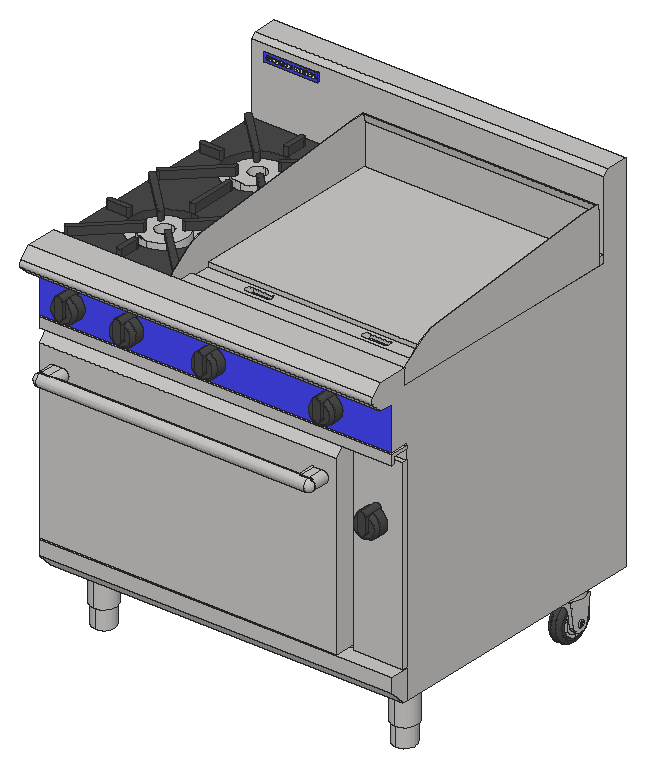
Revit family "QF_MOFFAT_BLUESEAL_CE_GE56B", category Specialty Equipment, Revit 2012
Parameters
  Width = 900 mm  # constant formula
  Weight in Pounds = 440
  Watts = 6600 W
  Volts = 400 V
  URL Cutsheet = "www.moffat.com"
  URL = "www.moffat.com"
  Type Mark [instance] = ""
  Status [instance] = ""
  Specification by User [instance] = ""
  Specification by Manufacturer = ""
  Show Logo [instance] = yes
  Show Clearance [instance] = yes
  Show Casters [instance] = yes
  Serial Number = ""
  Seismic Rating = ""
  SMACNA No = ""
  Revision Code [instance] = ""
  Phase = 3
  Omniclass Number and Title = ""
  Number of Poles [instance] = 1
  NAFEM Spec ID Number = ""
  Model = "GE56B"
  Min Ckt Ampacity = 0 A
  Mechanical Remarks = ""
  Mechanical Connection Type [instance] = ""
  Max Overcurrent Protection = 0 A
  Masterspec = ""
  Manufacturer = "MOFFAT BLUESEAL"
  Legs [instance] = not(Show Casters)  # no
  Item Number [instance] = ""
  Installed By [instance] = ""
  Identify Quantity as Lot [instance] = yes
  Height = 970 mm  # constant formula
  HP = ""
  Gas Size = 3/4"
  Gas RI Height [instance] = 0 mm
  Gas KW [instance] = 26.6
  Gas Input [instance] = 90990.0 Btu/h
  Gas Connection Height = 0 mm
  Furnished By [instance] = ""
  Foodservice Equipment Identifier [instance] = yes
  FL Amps = 9.4 A
  Electrical Remarks = "9.4A PER PHASE"
  Electric Connection Type = ""
  Elec Conn RI Height = 0 mm
  Elec Conn Connection Height = 0 mm
  Description = "900MM GAS RANGE WITH ELECTRIC CONVECTION OVEN"
  Depth = 812 mm  # constant formula
  Cycle = 50 Hz
  Conn Plug = ""
  Conn Conduit = yes
  CSI MasterFormat = ""
  CSI Master Format = ""
  Body Finish = QF_Finishes_Stainless Steel
  Apparent Power = 0 VA
Reference planes
  plane 1 "BACK": y = 0
  plane 2: z = 0
  plane 3 "LEFT": x = 0
  plane 4 "RIGHT": x = 900
  plane 5 "FRONT": y = -812
  plane 6 "TOP": z = 970
  plane 7 "Center Y": x = 450
  plane 8 "Center X": y = -406
  plane 9: x = 280
  plane 10: y = -574.272
  plane 11: x = 60
  plane 12: y = -304.972
  plane 13: y = -364.972
  plane 14: x = 74
  plane 15: y = -812
  plane 16: x = 834.5
  plane 17: y = -32
  plane 18: z = 655
  plane 19: y = -100
  plane 20: z = 1085
  plane 21: y = -705
  plane 22: x = 65.8
Forms (mm)
  Extrusion 1, solid, material "QF_Finishes_Stainless Steel" <- "Body Finish"
    sketch origin (0, 0, 0) x (0, 1, 0) y (0, 0, 1)
      loop
        line (0, 150) -> (0, 1085) -> (-57.5, 1085) -> (-70, 1072.5) -> (-70, 875) -> (-705, 875) -> (-705, 915) -> (-783.97, 915) -> (-808.476, 890.494)
        arc (-808.476, 890.494) -> (-811.994, 882) -> (-808.476, 873.506) r 12.013
        line (-808.476, 873.506) -> (-784.97, 850) -> (-749, 850) -> (-749, 740) -> (-699, 740) -> (-699, 150) -> (0, 150)
    from 0 to 900
  Extrusion 2, solid, material "QF_Finishes_Stainless Steel"
    sketch origin (0, 7, 0) x (0, 1, 0) y (0, 0, 1)
      loop
        line (-706, 700) -> (-732, 700) -> (-756, 676) -> (-756, 227.5) -> (-706, 227.5) -> (-706, 700)
    from 0 to 760
  Extrusion 3, solid, material "QF_Finishes_Stainless Steel"
    sketch origin (723.5, 7, 0) x (0, 1, 0) y (0, 0, 1)
      loop
        line (-706, 700) -> (-721, 700) -> (-721, 227.5) -> (-706, 227.5) -> (-706, 700)
    from 51.5 to 176.5
  Revolve 4, solid, material "QF_Finishes_Stainless Steel" <- "Body Finish"
    sketch origin (834.5, -696.126, 0) x (0, 1, 0) y (0, 0, -1)
      loop
        line (39.376, -150) -> (71.126, -150) -> (71.126, 0) -> (43.626, 0) -> (43.626, -50) -> (39.376, -50) -> (39.376, -150)
      axis (71.126, -150) -> (71.126, 0)
    angle from 0 to 360
  Revolve 5, solid, material "QF_Finishes_Stainless Steel" <- "Body Finish"
    sketch origin (65.5, -696.126, 0) x (0, 1, 0) y (0, 0, 1)
      loop
        line (39.376, 150) -> (39.376, 50) -> (43.626, 50) -> (43.626, 0) -> (71.126, 0) -> (71.126, 150) -> (39.376, 150)
      axis (71.126, 150) -> (71.126, 0)
    angle from 0 to 360
  Extrusion 6, solid, material "QF_Finishes_Stainless Steel"
    sketch origin (-64.5, 0, 325) x (1, 0, 0) y (0, 1, 0)
      loop
        circle (834.5, -32) r 10
    from 330 to 371
  Revolve 7, solid, material "QF_Finishes_Black"
    sketch origin (749.887, 45.874, -0.118) x (0, 1, 0) y (0, 0, 1)
      loop
        line (-827.874, 829.5) -> (-838.874, 823.651) -> (-838.874, 797) -> (-794.874, 797) -> (-794.874, 802) -> (-804.874, 802) -> (-804.874, 829.5) -> (-827.874, 829.5)
      axis (-838.874, 797) -> (-794.874, 797)
    angle from 0 to 360
  Revolve 8, solid, material "QF_Finishes_Black"
    sketch origin (90.649, 45.874, -0.118) x (0, 1, 0) y (0, 0, -1)
      loop
        line (-827.874, -829.5) -> (-804.874, -829.5) -> (-804.874, -802) -> (-794.874, -802) -> (-794.874, -797) -> (-838.874, -797) -> (-838.874, -823.651) -> (-827.874, -829.5)
      axis (-838.874, -797) -> (-794.874, -797)
    angle from 0 to 360
  Revolve 9, solid, material "QF_Finishes_Black"
    sketch origin (240.649, 45.874, -0.118) x (0, 1, 0) y (0, 0, -1)
      loop
        line (-827.874, -829.5) -> (-804.874, -829.5) -> (-804.874, -802) -> (-794.874, -802) -> (-794.874, -797) -> (-838.874, -797) -> (-838.874, -823.651) -> (-827.874, -829.5)
      axis (-838.874, -797) -> (-794.874, -797)
    angle from 0 to 360
  Extrusion 10, solid, material "QF_Finishes_Black"
    sketch origin (238.456, 7, -0.118) x (-1, 0, 0) y (0, 0, -1)
      loop
        arc (158.3, -789) -> (148.3, -779) -> (138.3, -789) r 10
        line (138.3, -789) -> (138.3, -824)
        arc (138.3, -824) -> (148.3, -834) -> (158.3, -824) r 10
        line (158.3, -824) -> (158.3, -789)
    from 759 to 808
  Extrusion 11, solid, material "QF_Finishes_Black"
    sketch origin (388.456, 7, -0.118) x (-1, 0, 0) y (0, 0, -1)
      loop
        arc (158.3, -789) -> (148.3, -779) -> (138.3, -789) r 10
        line (138.3, -789) -> (138.3, -824)
        arc (138.3, -824) -> (148.3, -834) -> (158.3, -824) r 10
        line (158.3, -824) -> (158.3, -789)
    from 759 to 808
  Extrusion 12, solid, material "QF_Finishes_Black"
    sketch origin (602.08, 7, -0.118) x (1, 0, 0) y (0, 0, 1)
      loop
        line (158.3, 789) -> (158.3, 824)
        arc (158.3, 824) -> (148.3, 834) -> (138.3, 824) r 10
        line (138.3, 824) -> (138.3, 789)
        arc (138.3, 789) -> (148.3, 779) -> (158.3, 789) r 10
    from 759 to 808
  Extrusion 13, solid, material "QF_Finishes_Black"
    sketch origin (597.807, 7, -0.118) x (-1, 0, 0) y (0, 0, -1)
      loop
        arc (158.3, -789) -> (148.3, -779) -> (138.3, -789) r 10
        line (138.3, -789) -> (138.3, -824)
        arc (138.3, -824) -> (148.3, -834) -> (158.3, -824) r 10
        line (158.3, -824) -> (158.3, -789)
    from 759 to 808
  Revolve 14, solid, material "QF_Finishes_Black"
    sketch origin (836.851, 80.874, -245.743) x (0, 1, 0) y (0, 0, 1)
      loop
        line (-827.874, 829.5) -> (-838.874, 823.651) -> (-838.874, 797) -> (-794.874, 797) -> (-794.874, 802) -> (-804.874, 802) -> (-804.874, 829.5) -> (-827.874, 829.5)
      axis (-838.874, 797) -> (-794.874, 797)
    angle from 0 to 360
  Extrusion 15, solid, material "QF_Finishes_Black"
    sketch origin (689.044, 42, -245.743) x (1, 0, 0) y (0, 0, 1)
      loop
        line (158.3, 789) -> (158.3, 824)
        arc (158.3, 824) -> (148.3, 834) -> (138.3, 824) r 10
        line (138.3, 824) -> (138.3, 789)
        arc (138.3, 789) -> (148.3, 779) -> (158.3, 789) r 10
    from 759 to 808
  Extrusion 16, solid, material "QF_Door-Drawer Clearances", visible <- "Show Clearance", detail levels coarse
    sketch origin (0, 7, 0) x (0, -1, 0) y (0, 0, 1)
      loop
        line (756, 697.347) -> (756, 227.5) -> (1225.847, 227.5)
        arc (1225.847, 227.5) -> (1088.232, 559.732) -> (756, 697.347) r 469.847
    from 0 to -760
  Extrusion 17, void
    sketch origin (0, 0, 220) x (1, 0, 0) y (0, 1, 0)
      loop
        line (824, -87) -> (824, 0) -> (694, 0) -> (694, -39) -> (744, -87) -> (824, -87)
    from 0 to 476
  Revolve 18, solid, material "QF_Finishes_Black"
    sketch origin (450, 45.874, -0.118) x (0, 1, 0) y (0, 0, -1)
      loop
        line (-827.874, -829.5) -> (-804.874, -829.5) -> (-804.874, -802) -> (-794.874, -802) -> (-794.874, -797) -> (-838.874, -797) -> (-838.874, -823.651) -> (-827.874, -829.5)
      axis (-838.874, -797) -> (-794.874, -797)
    angle from 0 to 360
  Extrusion 19, solid, material "QF_Finishes_Stainless Steel"
    sketch origin (0, -749, 227.5) x (0, 0, 1) y (-1, 0, 0)
      loop
        line (380.625, -38.246) -> (380.625, -58.528)
        arc (380.625, -58.528) -> (395.625, -73.528) -> (410.625, -58.528) r 15
        line (410.625, -58.528) -> (410.625, -38.246)
        arc (410.625, -38.246) -> (395.625, -23.246) -> (380.625, -38.246) r 15
      loop
        arc (380.625, -723.039) -> (395.625, -738.039) -> (410.625, -723.039) r 15
        line (410.625, -723.039) -> (410.625, -702.757)
        arc (410.625, -702.757) -> (395.625, -687.757) -> (380.625, -702.757) r 15
        line (380.625, -702.757) -> (380.625, -723.039)
    from 0 to 44
  Revolve 20, solid, material "QF_Finishes_Stainless Steel"
    sketch origin (0, -793, 0) x (1, 0, 0) y (0, 0, 1)
      loop
        arc (738.039, 623.125) -> (733.646, 633.732) -> (723.039, 638.125) r 15
        line (723.039, 638.125) -> (38.246, 638.125)
        arc (38.246, 638.125) -> (27.64, 633.732) -> (23.246, 623.125) r 15
        line (23.246, 623.125) -> (738.039, 623.125)
      axis (738.039, 623.125) -> (23.246, 623.125)
    angle from 0 to 360
  Extrusion 21, solid, material "QF_Finishes_Stainless Steel" <- "Body Finish"
    sketch origin (0, 7, 0) x (0, 1, 0) y (0, 0, 1)
      loop
        line (-756, 710) -> (-747.224, 710) -> (-749.613, 726.999) -> (-707.93, 726.999) -> (-707.93, 734.003) -> (-756, 734.003) -> (-756, 710)
    from 0 to 900
  Extrusion 22, solid, material "QF_Finishes_Stainless Steel" <- "Body Finish"
    sketch origin (0, 4.73, 0) x (0, 1, 0) y (0, 0, 1)
      loop
        line (-753.73, 222.5) -> (-753.73, 186) -> (-717.73, 150) -> (-703.73, 150) -> (-703.73, 222.5) -> (-753.73, 222.5)
    from 0 to 900
  Extrusion 23, solid, material "QF_Finishes_Stainless Steel", visible <- "Show Casters"
    sketch origin (71.501, 133.353, -8.783) x (0, 1, 0) y (0, 0, 1)
      loop
        line (-201.603, 118.783) -> (-265.103, 118.783) -> (-252.746, 53.895)
        arc (-252.746, 53.895) -> (-233.353, 38.783) -> (-213.959, 53.895) r 20
        line (-213.959, 53.895) -> (-201.603, 118.783)
    from -35.667 to 22.923
  Revolve 24, solid, material "QF_Finishes_Stainless Steel", visible <- "Show Casters"
    sketch origin (65, -203, 0) x (0, 1, 0) y (0, 0, 1)
      loop
        line (67.25, 150) -> (67.25, 110) -> (103, 110) -> (103, 150) -> (67.25, 150)
      axis (103, 150) -> (103, 110)
    angle from 0 to 360
  Revolve 25, solid, material "QF_Finishes_Stainless Steel", visible <- "Show Casters"
    sketch origin (834.5, -203, 0) x (0, 1, 0) y (0, 0, -1)
      loop
        line (67.25, -150) -> (103, -150) -> (103, -110) -> (67.25, -110) -> (67.25, -150)
      axis (103, -150) -> (103, -110)
    angle from 0 to 360
  Revolve 26, solid, material "QF_Finishes_Stainless Steel", visible <- "Show Casters"
    sketch origin (785.276, -99.755, -13.653) x (1, 0, 0) y (0, 0, 1)
      loop
        line (14.841, 64.453) -> (83.584, 64.453) -> (83.584, 67.958) -> (82.314, 69.228) -> (80.79, 69.228) -> (80.79, 72.674) -> (68.644, 72.674) -> (68.644, 82.639) -> (65.088, 84.692) -> (63.738, 93.028) -> (65.881, 93.028) -> (65.881, 99.378) -> (65.088, 99.378) -> (65.088, 105.728)
        arc (65.088, 105.728) -> (62.298, 112.463) -> (55.563, 115.253) r 9.525
        line (55.563, 115.253) -> (42.863, 115.253)
        arc (42.863, 115.253) -> (36.127, 112.463) -> (33.338, 105.728) r 9.525
        line (33.338, 105.728) -> (33.338, 99.378) -> (32.544, 99.378) -> (32.544, 93.028) -> (34.687, 93.028) -> (33.352, 84.781) -> (29.782, 82.719) -> (29.782, 72.674) -> (17.635, 72.674) -> (17.635, 69.228) -> (16.111, 69.228) -> (14.841, 67.958) -> (14.841, 64.453)
      axis (14.841, 64.453) -> (83.584, 64.453)
    angle from 0 to 360
  Extrusion 27, solid, material "QF_Finishes_Stainless Steel", visible <- "Show Casters"
    sketch origin (841.001, 133.353, -8.783) x (0, 1, 0) y (0, 0, 1)
      loop
        line (-201.603, 118.783) -> (-265.103, 118.783) -> (-252.746, 53.895)
        arc (-252.746, 53.895) -> (-233.353, 38.783) -> (-213.959, 53.895) r 20
        line (-213.959, 53.895) -> (-201.603, 118.783)
    from -35.667 to 22.923
  Revolve 28, solid, material "QF_Finishes_Stainless Steel", visible <- "Legs"
    sketch origin (65, -165, 0) x (0, 1, 0) y (0, 0, 1)
      loop
        line (33.25, 150) -> (33.25, 50) -> (37.5, 50) -> (37.5, 0) -> (65, 0) -> (65, 150) -> (33.25, 150)
      axis (65, 150) -> (65, 0)
    angle from 0 to 360
  Revolve 29, solid, material "QF_Finishes_Stainless Steel", visible <- "Legs"
    sketch origin (834.5, -165, 0) x (0, 1, 0) y (0, 0, -1)
      loop
        line (33.25, -150) -> (65, -150) -> (65, 0) -> (37.5, 0) -> (37.5, -50) -> (33.25, -50) -> (33.25, -150)
      axis (65, -150) -> (65, 0)
    angle from 0 to 360
  Revolve 30, solid, material "QF_Finishes_Stainless Steel", visible <- "Show Casters"
    sketch origin (114.224, -99.755, -13.653) x (-1, 0, 0) y (0, 0, -1)
      loop
        line (14.841, -64.453) -> (14.841, -67.958) -> (16.111, -69.228) -> (17.635, -69.228) -> (17.635, -72.674) -> (29.782, -72.674) -> (29.782, -82.719) -> (33.352, -84.781) -> (34.687, -93.028) -> (32.544, -93.028) -> (32.544, -99.378) -> (33.338, -99.378) -> (33.338, -105.728)
        arc (33.338, -105.728) -> (36.127, -112.463) -> (42.863, -115.253) r 9.525
        line (42.863, -115.253) -> (55.563, -115.253)
        arc (55.563, -115.253) -> (62.298, -112.463) -> (65.088, -105.728) r 9.525
        line (65.088, -105.728) -> (65.088, -99.378) -> (65.881, -99.378) -> (65.881, -93.028) -> (63.738, -93.028) -> (65.088, -84.692) -> (68.644, -82.639) -> (68.644, -72.674) -> (80.79, -72.674) -> (80.79, -69.228) -> (82.314, -69.228) -> (83.584, -67.958) -> (83.584, -64.453) -> (14.841, -64.453)
      axis (14.841, -64.453) -> (83.584, -64.453)
    angle from 0 to 360
  Extrusion 31, solid, material "QF_Finishes_Black"
    sketch origin (0, -70, 875) x (0, -1, 0) y (1, 0, 0)
      loop
        arc (1, 4) -> (1.879, 1.879) -> (4, 1) r 3
        line (4, 1) -> (632, 1)
        arc (632, 1) -> (634.121, 1.879) -> (635, 4) r 3
        line (635, 4) -> (635, 297)
        arc (635, 297) -> (634.121, 299.121) -> (632, 300) r 3
        line (632, 300) -> (4, 300)
        arc (4, 300) -> (1.879, 299.121) -> (1, 297) r 3
        line (1, 297) -> (1, 4)
      loop
        circle (167.5, 150) r 85
      loop
        circle (467.768, 150) r 85
    from 0 to 19.5
  Extrusion 32, solid, material "QF_Finishes_Black"
    sketch origin (0, -73.5, 894.5) x (0, -1, 0) y (1, 0, 0)
      loop
        spline (323.602, 15.153) -> (322.681, 13.924) -> (322.131, 12.47) -> (321.99, 10.89) -> (322.267, 9.292) -> (322.943, 7.786) -> (323.973, 6.473) -> (325.286, 5.443) -> (326.792, 4.767) -> (328.39, 4.49) -> (329.97, 4.631) -> (331.424, 5.181) -> (332.653, 6.102)
        line (332.653, 6.102) -> (440.576, 114.025)
        spline (440.576, 114.025) -> (441.337, 115.095) -> (441.738, 116.399) -> (441.751, 117.851) -> (441.375, 119.35) -> (440.637, 120.795) -> (439.586, 122.086) -> (438.295, 123.137) -> (436.85, 123.875) -> (435.351, 124.251) -> (433.899, 124.238) -> (432.595, 123.837) -> (431.525, 123.076)
        line (431.525, 123.076) -> (323.602, 15.153)
      loop
        spline (371.852, 143.6) -> (373.146, 143.818) -> (374.352, 144.457) -> (375.388, 145.475) -> (376.182, 146.8) -> (376.682, 148.344) -> (376.852, 150) -> (376.682, 151.656) -> (376.182, 153.2) -> (375.388, 154.525) -> (374.352, 155.543) -> (373.146, 156.182) -> (371.852, 156.4)
        line (371.852, 156.4) -> (259.398, 156.4)
        spline (259.398, 156.4) -> (258.104, 156.182) -> (256.898, 155.543) -> (255.862, 154.525) -> (255.068, 153.2) -> (254.568, 151.656) -> (254.398, 150) -> (254.568, 148.344) -> (255.068, 146.8) -> (255.862, 145.475) -> (256.898, 144.457) -> (258.104, 143.818) -> (259.398, 143.6)
        line (259.398, 143.6) -> (371.852, 143.6)
      loop
        line (311.398, 15.153) -> (203.475, 123.076)
        spline (203.475, 123.076) -> (202.405, 123.837) -> (201.101, 124.238) -> (199.649, 124.251) -> (198.15, 123.875) -> (196.705, 123.137) -> (195.414, 122.086) -> (194.363, 120.795) -> (193.625, 119.35) -> (193.249, 117.851) -> (193.262, 116.399) -> (193.663, 115.095) -> (194.424, 114.025)
        line (194.424, 114.025) -> (302.347, 6.102)
        spline (302.347, 6.102) -> (303.416, 5.341) -> (304.721, 4.941) -> (306.172, 4.928) -> (307.671, 5.303) -> (309.116, 6.041) -> (310.408, 7.092) -> (311.459, 8.384) -> (312.197, 9.829) -> (312.572, 11.328) -> (312.559, 12.779) -> (312.159, 14.084) -> (311.398, 15.153)
      loop
        line (323.602, 284.847) -> (431.525, 176.924)
        spline (431.525, 176.924) -> (432.595, 176.163) -> (433.899, 175.762) -> (435.351, 175.749) -> (436.85, 176.125) -> (438.295, 176.863) -> (439.586, 177.914) -> (440.637, 179.205) -> (441.375, 180.65) -> (441.751, 182.149) -> (441.738, 183.601) -> (441.337, 184.905) -> (440.576, 185.975)
        line (440.576, 185.975) -> (332.653, 293.898)
        spline (332.653, 293.898) -> (331.424, 294.819) -> (329.97, 295.369) -> (328.39, 295.51) -> (326.792, 295.233) -> (325.286, 294.557) -> (323.973, 293.527) -> (322.943, 292.214) -> (322.267, 290.708) -> (321.99, 289.11) -> (322.131, 287.53) -> (322.681, 286.076) -> (323.602, 284.847)
      loop
        spline (311.398, 284.847) -> (312.159, 285.916) -> (312.559, 287.221) -> (312.572, 288.672) -> (312.197, 290.171) -> (311.459, 291.616) -> (310.408, 292.908) -> (309.116, 293.959) -> (307.671, 294.697) -> (306.172, 295.072) -> (304.721, 295.059) -> (303.416, 294.659) -> (302.347, 293.898)
        line (302.347, 293.898) -> (194.424, 185.975)
        spline (194.424, 185.975) -> (193.663, 184.905) -> (193.262, 183.601) -> (193.249, 182.149) -> (193.625, 180.65) -> (194.363, 179.205) -> (195.414, 177.914) -> (196.705, 176.863) -> (198.15, 176.125) -> (199.649, 175.749) -> (201.101, 175.762) -> (202.405, 176.163) -> (203.475, 176.924)
        line (203.475, 176.924) -> (311.398, 284.847)
      loop
        spline (73.549, 143.6) -> (74.844, 143.818) -> (76.049, 144.457) -> (77.085, 145.475) -> (77.88, 146.8) -> (78.379, 148.344) -> (78.549, 150) -> (78.379, 151.656) -> (77.88, 153.2) -> (77.085, 154.525) -> (76.049, 155.543) -> (74.844, 156.182) -> (73.549, 156.4)
        line (73.549, 156.4) -> (25.093, 156.4)
        spline (25.093, 156.4) -> (23.799, 156.182) -> (22.593, 155.543) -> (21.558, 154.525) -> (20.763, 153.2) -> (20.264, 151.656) -> (20.093, 150) -> (20.264, 148.344) -> (20.763, 146.8) -> (21.558, 145.475) -> (22.593, 144.457) -> (23.799, 143.818) -> (25.093, 143.6)
        line (25.093, 143.6) -> (73.549, 143.6)
      loop
        spline (608.1, 143.6) -> (609.394, 143.818) -> (610.6, 144.457) -> (611.636, 145.475) -> (612.43, 146.8) -> (612.93, 148.344) -> (613.1, 150) -> (612.93, 151.656) -> (612.43, 153.2) -> (611.636, 154.525) -> (610.6, 155.543) -> (609.394, 156.182) -> (608.1, 156.4)
        line (608.1, 156.4) -> (558.644, 156.4)
        spline (558.644, 156.4) -> (557.35, 156.182) -> (556.144, 155.543) -> (555.108, 154.525) -> (554.314, 153.2) -> (553.814, 151.656) -> (553.644, 150) -> (553.814, 148.344) -> (554.314, 146.8) -> (555.108, 145.475) -> (556.144, 144.457) -> (557.35, 143.818) -> (558.644, 143.6)
        line (558.644, 143.6) -> (608.1, 143.6)
      loop
        spline (457.6, 10.156) -> (457.818, 8.862) -> (458.457, 7.656) -> (459.475, 6.62) -> (460.8, 5.826) -> (462.344, 5.326) -> (464, 5.156) -> (465.656, 5.326) -> (467.2, 5.826) -> (468.525, 6.62) -> (469.543, 7.656) -> (470.182, 8.862) -> (470.4, 10.156)
        line (470.4, 10.156) -> (470.4, 58.612)
        spline (470.4, 58.612) -> (470.182, 59.906) -> (469.543, 61.112) -> (468.525, 62.148) -> (467.2, 62.942) -> (465.656, 63.442) -> (464, 63.612) -> (462.344, 63.442) -> (460.8, 62.942) -> (459.475, 62.148) -> (458.457, 61.112) -> (457.818, 59.906) -> (457.6, 58.612)
        line (457.6, 58.612) -> (457.6, 10.156)
      loop
        spline (160.966, 10.156) -> (161.184, 8.862) -> (161.823, 7.656) -> (162.841, 6.62) -> (164.166, 5.826) -> (165.71, 5.326) -> (167.366, 5.156) -> (169.022, 5.326) -> (170.566, 5.826) -> (171.892, 6.62) -> (172.909, 7.656) -> (173.548, 8.862) -> (173.766, 10.156)
        line (173.766, 10.156) -> (173.766, 58.612)
        spline (173.766, 58.612) -> (173.548, 59.906) -> (172.909, 61.112) -> (171.892, 62.148) -> (170.566, 62.942) -> (169.022, 63.442) -> (167.366, 63.612) -> (165.71, 63.442) -> (164.166, 62.942) -> (162.841, 62.148) -> (161.823, 61.112) -> (161.184, 59.906) -> (160.966, 58.612)
        line (160.966, 58.612) -> (160.966, 10.156)
      loop
        spline (457.6, 241.636) -> (457.818, 240.342) -> (458.457, 239.136) -> (459.475, 238.1) -> (460.8, 237.306) -> (462.344, 236.806) -> (464, 236.636) -> (465.656, 236.806) -> (467.2, 237.306) -> (468.525, 238.1) -> (469.543, 239.136) -> (470.182, 240.342) -> (470.4, 241.636)
        line (470.4, 241.636) -> (470.4, 290.092)
        spline (470.4, 290.092) -> (470.182, 291.386) -> (469.543, 292.592) -> (468.525, 293.628) -> (467.2, 294.422) -> (465.656, 294.922) -> (464, 295.092) -> (462.344, 294.922) -> (460.8, 294.422) -> (459.475, 293.628) -> (458.457, 292.592) -> (457.818, 291.386) -> (457.6, 290.092)
        line (457.6, 290.092) -> (457.6, 241.636)
      loop
        spline (160.966, 241.636) -> (161.184, 240.342) -> (161.823, 239.136) -> (162.841, 238.1) -> (164.166, 237.306) -> (165.71, 236.806) -> (167.366, 236.636) -> (169.022, 236.806) -> (170.566, 237.306) -> (171.892, 238.1) -> (172.909, 239.136) -> (173.548, 240.342) -> (173.766, 241.636)
        line (173.766, 241.636) -> (173.766, 290.092)
        spline (173.766, 290.092) -> (173.548, 291.386) -> (172.909, 292.592) -> (171.892, 293.628) -> (170.566, 294.422) -> (169.022, 294.922) -> (167.366, 295.092) -> (165.71, 294.922) -> (164.166, 294.422) -> (162.841, 293.628) -> (161.823, 292.592) -> (161.184, 291.386) -> (160.966, 290.092)
        line (160.966, 290.092) -> (160.966, 241.636)
      loop
        line (604.398, 15.153) -> (496.475, 123.076)
        spline (496.475, 123.076) -> (495.405, 123.837) -> (494.101, 124.238) -> (492.649, 124.251) -> (491.15, 123.875) -> (489.705, 123.137) -> (488.414, 122.086) -> (487.363, 120.795) -> (486.625, 119.35) -> (486.249, 117.851) -> (486.262, 116.399) -> (486.663, 115.095) -> (487.424, 114.025)
        line (487.424, 114.025) -> (595.347, 6.102)
        spline (595.347, 6.102) -> (596.576, 5.181) -> (598.03, 4.631) -> (599.61, 4.49) -> (601.208, 4.767) -> (602.714, 5.443) -> (604.027, 6.473) -> (605.057, 7.786) -> (605.733, 9.292) -> (606.01, 10.89) -> (605.869, 12.47) -> (605.319, 13.924) -> (604.398, 15.153)
      loop
        spline (604.398, 284.847) -> (605.319, 286.076) -> (605.869, 287.53) -> (606.01, 289.11) -> (605.733, 290.708) -> (605.057, 292.214) -> (604.027, 293.527) -> (602.714, 294.557) -> (601.208, 295.233) -> (599.61, 295.51) -> (598.03, 295.369) -> (596.576, 294.819) -> (595.347, 293.898)
        line (595.347, 293.898) -> (487.424, 185.975)
        spline (487.424, 185.975) -> (486.663, 184.905) -> (486.262, 183.601) -> (486.249, 182.149) -> (486.625, 180.65) -> (487.363, 179.205) -> (488.414, 177.914) -> (489.705, 176.863) -> (491.15, 176.125) -> (492.649, 175.749) -> (494.101, 175.762) -> (495.405, 176.163) -> (496.475, 176.924)
        line (496.475, 176.924) -> (604.398, 284.847)
      loop
        spline (16.602, 15.153) -> (15.841, 14.084) -> (15.441, 12.779) -> (15.428, 11.328) -> (15.803, 9.829) -> (16.541, 8.384) -> (17.592, 7.092) -> (18.884, 6.041) -> (20.329, 5.303) -> (21.828, 4.928) -> (23.279, 4.941) -> (24.584, 5.341) -> (25.653, 6.102)
        line (25.653, 6.102) -> (133.576, 114.025)
        spline (133.576, 114.025) -> (134.337, 115.095) -> (134.738, 116.399) -> (134.751, 117.851) -> (134.375, 119.35) -> (133.637, 120.795) -> (132.586, 122.086) -> (131.295, 123.137) -> (129.85, 123.875) -> (128.351, 124.251) -> (126.899, 124.238) -> (125.595, 123.837) -> (124.525, 123.076)
        line (124.525, 123.076) -> (16.602, 15.153)
      loop
        line (16.602, 284.847) -> (124.525, 176.924)
        spline (124.525, 176.924) -> (125.595, 176.163) -> (126.899, 175.762) -> (128.351, 175.749) -> (129.85, 176.125) -> (131.295, 176.863) -> (132.586, 177.914) -> (133.637, 179.205) -> (134.375, 180.65) -> (134.751, 182.149) -> (134.738, 183.601) -> (134.337, 184.905) -> (133.576, 185.975)
        line (133.576, 185.975) -> (25.653, 293.898)
        spline (25.653, 293.898) -> (24.584, 294.659) -> (23.279, 295.059) -> (21.828, 295.072) -> (20.329, 294.697) -> (18.884, 293.959) -> (17.592, 292.908) -> (16.541, 291.616) -> (15.803, 290.171) -> (15.428, 288.672) -> (15.441, 287.221) -> (15.841, 285.916) -> (16.602, 284.847)
    from 0 to 20.5
  Extrusion 33, solid, material "QF_Finishes_Stainless Steel"
    sketch origin (0, -70, 875) x (0, -1, 0) y (1, 0, 0)
      loop
        circle (467.5, 150) r 57
      loop
        circle (167.5, 150) r 57
      loop
        circle (467.5, 150) r 22
      loop
        circle (167.5, 150) r 22
    from 0 to 19.5
  Extrusion 34, solid, material "QF_Finishes_Stainless Steel"
    sketch origin (0, 0, 0) x (1, 0, 0) y (0, 1, 0)
      loop
        circle (826, -501) r 6.35
    from 150 to 147.817
Cuts and joins
  Extrusion 17 cuts Extrusion 1
Lines and regions (mm)
  Split face 1
    outline origin (900, 0, 1085) x (-1, 0, 0) y (0, -1, 0)
      loop
        arc (867.206, 18.385) -> (875.866, 23.385) -> (875.866, 33.385) r 10
        line (875.866, 33.385) -> (871.824, 40.385)
        arc (871.824, 40.385) -> (868.164, 44.045) -> (863.164, 45.385) r 10
        line (863.164, 45.385) -> (635.206, 45.385)
        arc (635.206, 45.385) -> (626.545, 40.385) -> (626.545, 30.385) r 10
        line (626.545, 30.385) -> (630.587, 23.385)
        arc (630.587, 23.385) -> (634.247, 19.725) -> (639.247, 18.385) r 10
        line (639.247, 18.385) -> (867.206, 18.385)
  Split face 2
    outline origin (900, 0, 1085) x (-1, 0, 0) y (0, -1, 0)
      loop
        arc (567.206, 18.385) -> (575.866, 23.385) -> (575.866, 33.385) r 10
        line (575.866, 33.385) -> (571.824, 40.385)
        arc (571.824, 40.385) -> (568.164, 44.045) -> (563.164, 45.385) r 10
        line (563.164, 45.385) -> (335.206, 45.385)
        arc (335.206, 45.385) -> (326.545, 40.385) -> (326.545, 30.385) r 10
        line (326.545, 30.385) -> (330.587, 23.385)
        arc (330.587, 23.385) -> (334.247, 19.725) -> (339.247, 18.385) r 10
        line (339.247, 18.385) -> (567.206, 18.385)
  Split face 3
    outline origin (900, 0, 1085) x (-1, 0, 0) y (0, -1, 0)
      loop
        arc (35.206, 45.385) -> (26.545, 40.385) -> (26.545, 30.385) r 10
        line (26.545, 30.385) -> (30.587, 23.385)
        arc (30.587, 23.385) -> (34.247, 19.725) -> (39.247, 18.385) r 10
        line (39.247, 18.385) -> (267.206, 18.385)
        arc (267.206, 18.385) -> (275.866, 23.385) -> (275.866, 33.385) r 10
        line (275.866, 33.385) -> (271.824, 40.385)
        arc (271.824, 40.385) -> (268.164, 44.045) -> (263.164, 45.385) r 10
        line (263.164, 45.385) -> (35.206, 45.385)
  symbolic lines
    curve 1: line (0, 0, 0) -> (0, -812, 0)
    curve 2: line (900, 0, 0) -> (0, 0, 0)
    curve 3: line (900, -812, 0) -> (900, 0, 0)
    curve 4: line (0, -70, 0) -> (900, -70, 0)
    curve 5: line (900, -812, 0) -> (0, -812, 0)
    curve 6: line (900, -705, 0) -> (0, -705, 0)
    curve 7: line (0, -701.7, 0) -> (900, -701.7, 0)
    curve 8: line (900, -72.734, 0) -> (0, -72.734, 0)
    curve 9: arc (22.65, -812, 0) -> (34.104, -822.278, 0) -> (48.889, -826.544, 0) r 34.455
    curve 10: line (48.889, -826.544, 0) -> (721.858, -826.544, 0)
    curve 11: arc (721.858, -826.544, 0) -> (736.403, -822.647, 0) -> (747.05, -812, 0) r 29.089
    curve 15: line (300, -72.734, 0) -> (300, -701.7, 0)
    curve 16: line (0, -391, 0) -> (300, -391, 0)
    curve 17: line (149.988, -331.778, 0) -> (149.988, -448.358, 0)
    curve 18: line (150.034, -681.268, 0) -> (150.034, -628.558, 0)
    curve 19: line (9.26, -537.634, 0) -> (59.26, -537.634, 0)
    curve 20: line (178.593, -512.407, 0) -> (291.73, -399.27, 0)
    curve 21: line (291.767, -537.634, 0) -> (240.041, -537.634, 0)
    curve 22: arc (150, -480.5, 150) -> (207, -537.5, 150) -> (150, -594.5, 150) r 57
    curve 23: arc (150, -594.5, 150) -> (93, -537.5, 150) -> (150, -480.5, 150) r 57
    curve 24: arc (150, -622.768, 150) -> (235, -537.768, 150) -> (150, -452.768, 150) r 85
    curve 25: arc (150, -452.768, 150) -> (65, -537.768, 150) -> (150, -622.768, 150) r 85
    curve 26: arc (150, -515.5, 150) -> (128, -537.5, 150) -> (150, -559.5, 150) r 22
    curve 27: arc (150, -559.5, 150) -> (172, -537.5, 150) -> (150, -515.5, 150) r 22
    curve 28: line (121.407, -512.407, 0) -> (8.27, -399.27, 0)
    curve 29: line (178.593, -562.593, 0) -> (291.73, -675.73, 0)
    curve 30: line (121.407, -562.593, 0) -> (8.27, -675.73, 0)
    curve 31: line (150.034, -96.281, 0) -> (150.034, -149.16, 0)
    curve 32: line (178.593, -269.593, 0) -> (291.73, -382.73, 0)
    curve 33: line (121.407, -269.593, 0) -> (8.27, -382.73, 0)
    curve 34: line (9.26, -241, 0) -> (59.26, -241, 0)
    curve 35: line (291.767, -241, 0) -> (240.041, -241, 0)
    curve 36: arc (150, -322.5, 150) -> (235, -237.5, 150) -> (150, -152.5, 150) r 85
    curve 37: arc (150, -152.5, 150) -> (65, -237.5, 150) -> (150, -322.5, 150) r 85
    curve 38: arc (150, -180.5, 150) -> (207, -237.5, 150) -> (150, -294.5, 150) r 57
    curve 39: arc (150, -294.5, 150) -> (93, -237.5, 150) -> (150, -180.5, 150) r 57
    curve 40: arc (150, -259.5, 150) -> (172, -237.5, 150) -> (150, -215.5, 150) r 22
    curve 41: arc (150, -215.5, 150) -> (128, -237.5, 150) -> (150, -259.5, 150) r 22
    curve 42: line (178.593, -205.407, 0) -> (291.73, -92.27, 0)
    curve 43: line (121.407, -205.407, 0) -> (8.27, -92.27, 0)
    curve 44: line (32.794, -18.385, 0) -> (260.753, -18.385, 0)
    curve 45: arc (260.753, -18.385, 0) -> (265.753, -19.725, 0) -> (269.413, -23.385, 0) r 10
    curve 46: line (269.413, -23.385, 0) -> (273.455, -30.385, 0)
    curve 47: arc (273.455, -30.385, 0) -> (273.455, -40.385, 0) -> (264.794, -45.385, 0) r 10
    curve 48: line (264.794, -45.385, 0) -> (36.836, -45.385, 0)
    curve 49: arc (36.836, -45.385, 0) -> (31.836, -44.045, 0) -> (28.176, -40.385, 0) r 10
    curve 50: line (28.176, -40.385, 0) -> (24.134, -33.385, 0)
    curve 51: arc (24.134, -33.385, 0) -> (24.134, -23.385, 0) -> (32.794, -18.385, 0) r 10
    curve 52: line (560.753, -18.385, 0) -> (332.794, -18.385, 0)
    curve 53: arc (332.794, -18.385, 0) -> (324.134, -23.385, 0) -> (324.134, -33.385, 0) r 10
    curve 54: line (324.134, -33.385, 0) -> (328.176, -40.385, 0)
    curve 55: arc (328.176, -40.385, 0) -> (331.836, -44.045, 0) -> (336.836, -45.385, 0) r 10
    curve 56: line (336.836, -45.385, 0) -> (564.794, -45.385, 0)
    curve 57: arc (564.794, -45.385, 0) -> (573.455, -40.385, 0) -> (573.455, -30.385, 0) r 10
    curve 58: line (573.455, -30.385, 0) -> (569.413, -23.385, 0)
    curve 59: arc (569.413, -23.385, 0) -> (565.753, -19.725, 0) -> (560.753, -18.385, 0) r 10
    curve 60: line (632.794, -18.385, 0) -> (860.753, -18.385, 0)
    curve 61: arc (860.753, -18.385, 0) -> (865.753, -19.725, 0) -> (869.413, -23.385, 0) r 10
    curve 62: line (869.413, -23.385, 0) -> (873.455, -30.385, 0)
    curve 63: arc (873.455, -30.385, 0) -> (873.455, -40.385, 0) -> (864.794, -45.385, 0) r 10
    curve 64: line (864.794, -45.385, 0) -> (636.836, -45.385, 0)
    curve 65: arc (636.836, -45.385, 0) -> (631.836, -44.045, 0) -> (628.176, -40.385, 0) r 10
    curve 66: line (628.176, -40.385, 0) -> (624.134, -33.385, 0)
    curve 67: arc (624.134, -33.385, 0) -> (624.134, -23.385, 0) -> (632.794, -18.385, 0) r 10
    curve 68: line (0, -783.97, 0) -> (900, -783.97, 0)
    curve 69: line (0, -57.5, 0) -> (900, -57.5, 0)
  symbolic lines, style "QF_Door-Drawer Clearances", visible <- "Show Clearance"
    curve 12: line (0, -1218.847, 0) -> (0, -812, 0)
    curve 13: line (0, -1218.847, 0) -> (760, -1218.847, 0)
    curve 14: line (760, -1218.847, 0) -> (760, -812, 0)
Dimensions and locks
  equal spacing: plane 3 "LEFT", plane 7 "Center Y", plane 4 "RIGHT"
  "Width": plane 3 "LEFT" to plane 4 "RIGHT"
  equal spacing: plane 5 "FRONT", plane 8 "Center X", plane 1 "BACK"
  plane 5 "FRONT" to plane 1 "BACK" = 812 mm  (x2)
  equal spacing: plane 4 "RIGHT", plane 7 "Center Y", plane 3 "LEFT"
  plane 4 "RIGHT" to plane 3 "LEFT" = 900 mm
  "Height": plane 6 "TOP" to level
  plane 10 to plane 1 "BACK" = 574.272 mm
  plane 12 to plane 1 "BACK" = 304.972 mm  (x2)
  plane 11 to plane 3 "LEFT" = 60 mm
  plane 14 to plane 3 "LEFT" = 74 mm
  plane 9 to plane 3 "LEFT" = 280 mm
  "Depth": plane 1 "BACK" to plane 15
  plane 15 to plane 5 "FRONT" = 0 mm
  plane 6 "TOP" to plane 2 = 970 mm
  plane 2 to Extrusion 1 sketch curve = 875 mm
  locked: plane 2 to Extrusion 1 sketch curve at 915
  Revolve 26 sketch curve to Revolve 26 sketch curve = 50.8 mm
  Revolve 30 sketch curve to Revolve 30 sketch curve = 50.8 mm
  plane 20 to level = 1085 mm
  Extrusion 31 sketch curve to plane 22 = 64.8 mm
  Extrusion 34 sketch curve to plane 1 "BACK" = 501 mm
  Extrusion 34 sketch curve to plane 4 "RIGHT" = 74 mm
  aligned and locked: level to plane 2
  aligned and locked: curve 3 to plane 4 "RIGHT"
Automatic sketch dimensions
  Extrusion 1 sketch curve to plane 21 = 0 mm
  Extrusion 1 sketch curve to plane 20 = 0 mm
  Extrusion 1 sketch curve to plane 1 "BACK" = 0 mm
  plane 21 to Extrusion 1 sketch curve = 44 mm
  Extrusion 1 sketch curve to plane 5 "FRONT" = 28.03 mm
  Extrusion 1 sketch curve to plane 5 "FRONT" = 27.03 mm
  Extrusion 1 sketch curve to plane 5 "FRONT" = 12.018 mm
  Extrusion 1 sketch curve to plane 5 "FRONT" = 3.524 mm  (x2)
  Extrusion 1 sketch curve to plane 21 = 6 mm
  Extrusion 1 sketch curve to plane 20 = 12.5 mm
  plane 19 to Extrusion 1 sketch curve = 30 mm
  Extrusion 1 sketch curve to Extrusion 1 sketch curve = 12.5 mm
  Extrusion 1 sketch curve to Extrusion 1 sketch curve = 41.494 mm
  Extrusion 1 sketch curve to Extrusion 1 sketch curve = 25 mm
  plane 18 to Extrusion 1 sketch curve = 85 mm
  level to Extrusion 1 sketch curve = 150 mm
  Extrusion 1 sketch curve to Extrusion 1 sketch curve = 8.494 mm
  plane 21 to Extrusion 2 sketch curve = 20 mm
  Extrusion 2 sketch curve to plane 21 = 6 mm
  level to Extrusion 2 sketch curve = 227.5 mm
  plane 21 to Extrusion 3 sketch curve = 9 mm
  Extrusion 3 sketch curve to plane 21 = 6 mm
  level to Extrusion 3 sketch curve = 227.5 mm
  plane 18 to Extrusion 3 sketch curve = 45 mm
  Revolve 4 sketch curve to level = 0 mm
  Revolve 4 sketch curve to plane 21 = 48.25 mm
  Revolve 4 sketch curve to Revolve 4 sketch curve = 4.25 mm
  Revolve 4 sketch curve to Revolve 4 sketch curve = 27.5 mm  (x2)
  level to Revolve 4 sketch curve = 50 mm
  Revolve 4 sketch curve to Revolve 4 sketch curve = 0 mm
  Revolve 4 sketch curve to Revolve 4 sketch curve = 100 mm
  Revolve 4 sketch curve to Revolve 4 sketch curve = 55 mm
  Revolve 5 sketch curve to level = 0 mm
  Revolve 5 sketch curve to plane 21 = 48.25 mm
  Revolve 5 sketch curve to Revolve 5 sketch curve = 4.25 mm
  Revolve 5 sketch curve to Revolve 5 sketch curve = 27.5 mm  (x2)
  Revolve 5 sketch curve to level = 55 mm
  Revolve 5 sketch curve to Revolve 5 sketch curve = 50 mm
  Revolve 5 sketch curve to Revolve 5 sketch curve = 0 mm
  Revolve 5 sketch curve to Revolve 5 sketch curve = 100 mm
  Extrusion 6 sketch curve to plane 17 = 0 mm
  Extrusion 6 sketch curve to plane 16 = 64.5 mm
  Revolve 7 sketch curve to plane 5 "FRONT" = 19 mm
  Revolve 7 sketch curve to Revolve 7 sketch curve = 0 mm  (x2)
  Revolve 7 sketch curve to Revolve 7 sketch curve = 11 mm
  Revolve 7 sketch curve to Revolve 7 sketch curve = 12.7 mm
  Revolve 7 sketch curve to Revolve 7 sketch curve = 23 mm
  Revolve 7 sketch curve to Revolve 7 sketch curve = 10 mm
  plane 18 to Revolve 7 sketch curve = 141.882 mm
  Revolve 7 sketch curve to Revolve 7 sketch curve = 5 mm
  Revolve 7 sketch curve to Revolve 7 sketch curve = 26.651 mm
  Revolve 7 sketch curve to Revolve 7 sketch curve = 5.849 mm
  Revolve 8 sketch curve to plane 5 "FRONT" = 19 mm
  Revolve 8 sketch curve to Revolve 8 sketch curve = 0 mm  (x2)
  Revolve 8 sketch curve to Revolve 8 sketch curve = 11 mm
  Revolve 8 sketch curve to Revolve 8 sketch curve = 12.7 mm
  Revolve 8 sketch curve to Revolve 8 sketch curve = 23 mm
  Revolve 8 sketch curve to Revolve 8 sketch curve = 10 mm
  Revolve 8 sketch curve to plane 6 "TOP" = 140.618 mm
  Revolve 8 sketch curve to Revolve 8 sketch curve = 5.849 mm
  Revolve 8 sketch curve to Revolve 8 sketch curve = 27.5 mm
  Revolve 8 sketch curve to Revolve 8 sketch curve = 5 mm
  Revolve 9 sketch curve to plane 5 "FRONT" = 19 mm
  Revolve 9 sketch curve to Revolve 9 sketch curve = 0 mm  (x2)
  Revolve 9 sketch curve to Revolve 9 sketch curve = 11 mm
  Revolve 9 sketch curve to Revolve 9 sketch curve = 12.7 mm
  Revolve 9 sketch curve to Revolve 9 sketch curve = 23 mm
  Revolve 9 sketch curve to Revolve 9 sketch curve = 10 mm
  Revolve 9 sketch curve to plane 6 "TOP" = 140.618 mm
  Revolve 9 sketch curve to Revolve 9 sketch curve = 5.849 mm
  Revolve 9 sketch curve to Revolve 9 sketch curve = 27.5 mm
  Revolve 9 sketch curve to Revolve 9 sketch curve = 5 mm
  plane 14 to Extrusion 10 sketch curve = 26.156 mm
  Extrusion 10 sketch curve to Extrusion 10 sketch curve = 10 mm
  Extrusion 10 sketch curve to plane 6 "TOP" = 146.118 mm
  Extrusion 10 sketch curve to Extrusion 10 sketch curve = 35 mm
  Extrusion 11 sketch curve to plane 9 = 29.844 mm
  Extrusion 11 sketch curve to Extrusion 11 sketch curve = 10 mm
  Extrusion 11 sketch curve to plane 6 "TOP" = 146.118 mm
  Extrusion 11 sketch curve to Extrusion 11 sketch curve = 35 mm
  Extrusion 12 sketch curve to plane 16 = 94.12 mm
  Extrusion 12 sketch curve to Extrusion 12 sketch curve = 10 mm
  plane 18 to Extrusion 12 sketch curve = 133.882 mm
  Extrusion 12 sketch curve to Extrusion 12 sketch curve = 35 mm
  plane 7 "Center Y" to Extrusion 13 sketch curve = 9.507 mm
  Extrusion 13 sketch curve to Extrusion 13 sketch curve = 10 mm
  Extrusion 13 sketch curve to plane 6 "TOP" = 146.118 mm
  Extrusion 13 sketch curve to Extrusion 13 sketch curve = 35 mm
  Revolve 14 sketch curve to plane 5 "FRONT" = 54 mm
  Revolve 14 sketch curve to Revolve 14 sketch curve = 0 mm  (x2)
  Revolve 14 sketch curve to Revolve 14 sketch curve = 11 mm
  Revolve 14 sketch curve to Revolve 14 sketch curve = 12.7 mm
  plane 21 to Revolve 14 sketch curve = 19 mm
  plane 21 to Revolve 14 sketch curve = 9 mm
  Revolve 14 sketch curve to plane 18 = 103.743 mm
  Revolve 14 sketch curve to Revolve 14 sketch curve = 5 mm
  Revolve 14 sketch curve to Revolve 14 sketch curve = 26.651 mm
  Revolve 14 sketch curve to Revolve 14 sketch curve = 5.849 mm
  Extrusion 15 sketch curve to plane 16 = 7.156 mm
  plane 16 to Extrusion 15 sketch curve = 2.844 mm
  Extrusion 15 sketch curve to plane 18 = 111.743 mm
  Extrusion 15 sketch curve to Extrusion 15 sketch curve = 35 mm
  plane 21 to Extrusion 16 sketch curve = 44 mm
  level to Extrusion 16 sketch curve = 227.5 mm
  plane 5 "FRONT" to Extrusion 16 sketch curve = 406.847 mm
  plane 1 "BACK" to Extrusion 17 sketch curve = 0 mm
  Extrusion 17 sketch curve to plane 17 = 7 mm
  Extrusion 17 sketch curve to plane 16 = 140.5 mm
  plane 19 to Extrusion 17 sketch curve = 13 mm
  Extrusion 17 sketch curve to Extrusion 17 sketch curve = 50 mm
  Extrusion 17 sketch curve to plane 16 = 10.5 mm
  Revolve 18 sketch curve to plane 5 "FRONT" = 19 mm
  Revolve 18 sketch curve to Revolve 18 sketch curve = 0 mm  (x2)
  Revolve 18 sketch curve to Revolve 18 sketch curve = 11 mm
  Revolve 18 sketch curve to Revolve 18 sketch curve = 12.7 mm
  Revolve 18 sketch curve to Revolve 18 sketch curve = 23 mm
  Revolve 18 sketch curve to Revolve 18 sketch curve = 10 mm
  Revolve 18 sketch curve to plane 6 "TOP" = 140.618 mm
  Revolve 18 sketch curve to Revolve 18 sketch curve = 5.849 mm
  Revolve 18 sketch curve to Revolve 18 sketch curve = 27.5 mm
  Revolve 18 sketch curve to Revolve 18 sketch curve = 5 mm
  Extrusion 19 sketch curve to plane 11 = 1.472 mm
  Extrusion 19 sketch curve to plane 18 = 46.875 mm  (x2)
  Extrusion 19 sketch curve to Extrusion 19 sketch curve = 15 mm  (x2)
  Extrusion 19 sketch curve to plane 16 = 131.743 mm
  Extrusion 19 sketch curve to Extrusion 19 sketch curve = 20.282 mm  (x2)
  Revolve 20 sketch curve to plane 3 "LEFT" = 6.961 mm
  plane 3 "LEFT" to Revolve 20 sketch curve = 23.246 mm
  Revolve 20 sketch curve to plane 18 = 16.875 mm
  Revolve 20 sketch curve to Revolve 20 sketch curve = 15 mm
  Revolve 20 sketch curve to plane 18 = 31.875 mm
  plane 7 "Center Y" to Revolve 20 sketch curve = 138.039 mm
  Revolve 20 sketch curve to plane 16 = 111.461 mm
  plane 21 to Extrusion 21 sketch curve = 44 mm
  Extrusion 21 sketch curve to Extrusion 21 sketch curve = 6.387 mm
  Extrusion 21 sketch curve to Extrusion 21 sketch curve = 8.776 mm
  Extrusion 21 sketch curve to plane 21 = 4.07 mm
  plane 18 to Extrusion 21 sketch curve = 55 mm
  Extrusion 21 sketch curve to Extrusion 21 sketch curve = 16.999 mm
  Extrusion 21 sketch curve to Extrusion 21 sketch curve = 7.004 mm
  plane 21 to Extrusion 22 sketch curve = 44 mm
  Extrusion 22 sketch curve to Extrusion 22 sketch curve = 36.5 mm
  Extrusion 23 sketch curve to plane 19 = 0 mm
  Extrusion 23 sketch curve to plane 19 = 19.393 mm
  Extrusion 23 sketch curve to plane 19 = 31.75 mm
  plane 19 to Extrusion 23 sketch curve = 19.393 mm
  plane 19 to Extrusion 23 sketch curve = 31.75 mm
  level to Extrusion 23 sketch curve = 45.111 mm
  Extrusion 23 sketch curve to Extrusion 23 sketch curve = 4.889 mm
  Extrusion 23 sketch curve to Extrusion 23 sketch curve = 64.889 mm
  Revolve 24 sketch curve to plane 19 = 0 mm  (x2)
  Revolve 24 sketch curve to plane 19 = 35.75 mm
  Revolve 24 sketch curve to level = 55 mm
  level to Revolve 24 sketch curve = 50 mm
  Revolve 24 sketch curve to Revolve 24 sketch curve = 60 mm
  Revolve 24 sketch curve to Revolve 24 sketch curve = 40 mm
  Revolve 25 sketch curve to plane 19 = 0 mm  (x2)
  Revolve 25 sketch curve to plane 19 = 35.75 mm
  level to Revolve 25 sketch curve = 150 mm
  Revolve 25 sketch curve to Revolve 25 sketch curve = 40 mm
  level to Revolve 25 sketch curve = 50 mm
  Revolve 25 sketch curve to level = 55 mm
  Revolve 26 sketch curve to plane 16 = 34.382 mm
  Revolve 26 sketch curve to Revolve 26 sketch curve = 1.27 mm  (x4)
  Revolve 26 sketch curve to Revolve 26 sketch curve = 1.524 mm  (x2)
  Revolve 26 sketch curve to Revolve 26 sketch curve = 12.146 mm  (x2)
  Revolve 26 sketch curve to plane 16 = 16.68 mm
  Revolve 26 sketch curve to Revolve 26 sketch curve = 0.794 mm  (x2)
  Revolve 26 sketch curve to Revolve 26 sketch curve = 3.57 mm
  Revolve 26 sketch curve to Revolve 26 sketch curve = 2.143 mm
  Revolve 26 sketch curve to plane 16 = 6.361 mm
  plane 16 to Revolve 26 sketch curve = 5.13 mm
  plane 16 to Revolve 26 sketch curve = 6.339 mm
  plane 16 to Revolve 26 sketch curve = 14.515 mm
  Revolve 26 sketch curve to Revolve 26 sketch curve = 1.349 mm  (x2)
  Revolve 26 sketch curve to Revolve 26 sketch curve = 3.556 mm
  Revolve 26 sketch curve to plane 4 "RIGHT" = 2.18 mm
  level to Revolve 26 sketch curve = 50.8 mm
  Revolve 26 sketch curve to Revolve 26 sketch curve = 0 mm
  Revolve 26 sketch curve to Revolve 26 sketch curve = 3.505 mm  (x2)
  Revolve 26 sketch curve to Revolve 26 sketch curve = 3.447 mm  (x2)
  Revolve 26 sketch curve to Revolve 26 sketch curve = 9.964 mm
  Revolve 26 sketch curve to Revolve 26 sketch curve = 10.045 mm
  Revolve 26 sketch curve to Revolve 26 sketch curve = 2.053 mm
  Revolve 26 sketch curve to Revolve 26 sketch curve = 2.061 mm
  Revolve 26 sketch curve to Revolve 26 sketch curve = 8.247 mm
  Revolve 26 sketch curve to Revolve 26 sketch curve = 8.336 mm
  Revolve 26 sketch curve to Revolve 26 sketch curve = 6.35 mm  (x2)
  Extrusion 27 sketch curve to plane 19 = 0 mm
  Extrusion 27 sketch curve to plane 19 = 19.393 mm
  Extrusion 27 sketch curve to plane 19 = 31.75 mm
  plane 19 to Extrusion 27 sketch curve = 19.393 mm
  plane 19 to Extrusion 27 sketch curve = 31.75 mm
  level to Extrusion 27 sketch curve = 45.111 mm
  Extrusion 27 sketch curve to Extrusion 27 sketch curve = 4.889 mm
  Extrusion 27 sketch curve to Extrusion 27 sketch curve = 64.889 mm
  Revolve 28 sketch curve to level = 0 mm
  Revolve 28 sketch curve to plane 19 = 0 mm  (x2)
  Revolve 28 sketch curve to Revolve 28 sketch curve = 27.5 mm
  Revolve 28 sketch curve to Revolve 28 sketch curve = 31.75 mm
  Revolve 28 sketch curve to level = 55 mm
  Revolve 28 sketch curve to Revolve 28 sketch curve = 50 mm
  Revolve 28 sketch curve to Revolve 28 sketch curve = 0 mm
  Revolve 28 sketch curve to Revolve 28 sketch curve = 100 mm
  Revolve 29 sketch curve to level = 0 mm
  Revolve 29 sketch curve to plane 19 = 0 mm  (x2)
  Revolve 29 sketch curve to Revolve 29 sketch curve = 27.5 mm
  Revolve 29 sketch curve to Revolve 29 sketch curve = 31.75 mm
  level to Revolve 29 sketch curve = 50 mm
  Revolve 29 sketch curve to Revolve 29 sketch curve = 0 mm
  Revolve 29 sketch curve to Revolve 29 sketch curve = 100 mm
  Revolve 29 sketch curve to Revolve 29 sketch curve = 55 mm
  plane 14 to Revolve 30 sketch curve = 25.382 mm
  Revolve 30 sketch curve to Revolve 30 sketch curve = 1.27 mm  (x4)
  Revolve 30 sketch curve to Revolve 30 sketch curve = 1.524 mm  (x2)
  plane 14 to Revolve 30 sketch curve = 10.442 mm
  plane 14 to Revolve 30 sketch curve = 7.68 mm
  Revolve 30 sketch curve to Revolve 30 sketch curve = 0.794 mm  (x2)
  Revolve 30 sketch curve to Revolve 30 sketch curve = 3.57 mm
  Revolve 30 sketch curve to Revolve 30 sketch curve = 2.143 mm
  Revolve 30 sketch curve to plane 14 = 2.639 mm
  Revolve 30 sketch curve to plane 11 = 0.13 mm
  Revolve 30 sketch curve to plane 11 = 1.339 mm
  Revolve 30 sketch curve to plane 11 = 9.515 mm
  Revolve 30 sketch curve to Revolve 30 sketch curve = 1.349 mm  (x2)
  Revolve 30 sketch curve to Revolve 30 sketch curve = 3.556 mm
  Revolve 30 sketch curve to Revolve 30 sketch curve = 12.146 mm
  Revolve 30 sketch curve to plane 3 "LEFT" = 2.68 mm
  level to Revolve 30 sketch curve = 101.6 mm
  Revolve 30 sketch curve to Revolve 30 sketch curve = 6.35 mm  (x4)
  Revolve 30 sketch curve to Revolve 30 sketch curve = 8.247 mm
  Revolve 30 sketch curve to Revolve 30 sketch curve = 8.336 mm
  Revolve 30 sketch curve to Revolve 30 sketch curve = 2.061 mm
  Revolve 30 sketch curve to Revolve 30 sketch curve = 2.053 mm
  Revolve 30 sketch curve to Revolve 30 sketch curve = 10.045 mm
  Revolve 30 sketch curve to Revolve 30 sketch curve = 9.964 mm
  Revolve 30 sketch curve to Revolve 30 sketch curve = 3.447 mm  (x2)
  Revolve 30 sketch curve to Revolve 30 sketch curve = 3.505 mm
  plane 21 to Extrusion 31 sketch curve = 0 mm
  Extrusion 31 sketch curve to plane 21 = 3 mm  (x2)
  plane 10 to Extrusion 31 sketch curve = 36.504 mm
  plane 12 to Extrusion 31 sketch curve = 67.472 mm
  plane 19 to Extrusion 31 sketch curve = 26 mm  (x2)
  Extrusion 31 sketch curve to Extrusion 31 sketch curve = 3 mm
  plane 14 to Extrusion 31 sketch curve = 76 mm  (x2)
  plane 9 to Extrusion 31 sketch curve = 17 mm
  Extrusion 32 sketch curve to Extrusion 31 = 19.102 mm  (x2)
  Extrusion 32 sketch curve to Extrusion 32 sketch curve = 4.525 mm  (x16)
  Extrusion 32 sketch curve to Extrusion 31 = 27.593 mm
  Extrusion 32 sketch curve to Extrusion 32 sketch curve = 48.456 mm  (x3)
  Extrusion 32 sketch curve to Extrusion 32 sketch curve = 50.976 mm
  Extrusion 32 sketch curve to Extrusion 32 sketch curve = 0 mm  (x4)
  Extrusion 32 sketch curve to Extrusion 32 sketch curve = 27.39 mm  (x2)
  Extrusion 32 sketch curve to Extrusion 32 sketch curve = 6.4 mm  (x7)
  Extrusion 32 sketch curve to Extrusion 32 sketch curve = 20.658 mm  (x2)
  Extrusion 32 sketch curve to Extrusion 32 sketch curve = 55.923 mm
  Extrusion 32 sketch curve to Extrusion 31 = 6.102 mm  (x2)
  Extrusion 32 sketch curve to Extrusion 31 = 5.102 mm  (x3)
  Extrusion 32 sketch curve to Extrusion 32 sketch curve = 128.581 mm  (x2)
  Extrusion 32 sketch curve to Extrusion 31 = 14.153 mm
  Extrusion 32 sketch curve to Extrusion 32 sketch curve = 12.205 mm  (x2)
  Extrusion 32 sketch curve to Extrusion 31 = 15.153 mm  (x2)
  Extrusion 32 sketch curve to Extrusion 32 sketch curve = 112.454 mm
  Extrusion 32 sketch curve to Extrusion 32 sketch curve = 59.673 mm
  Extrusion 32 sketch curve to Extrusion 32 sketch curve = 17.024 mm  (x2)
  Extrusion 32 sketch curve to Extrusion 32 sketch curve = 46.847 mm  (x2)
  Extrusion 32 sketch curve to Extrusion 32 sketch curve = 62.169 mm
  Extrusion 32 sketch curve to Extrusion 31 = 36.153 mm  (x2)
  Extrusion 32 sketch curve to Extrusion 31 = 23.4 mm
  Extrusion 32 sketch curve to Extrusion 31 = 9.156 mm  (x2)
  Extrusion 32 sketch curve to Extrusion 32 sketch curve = 55.413 mm  (x2)
  Extrusion 32 sketch curve to Extrusion 32 sketch curve = 20.524 mm  (x3)
  Extrusion 32 sketch curve to Extrusion 32 sketch curve = 53.847 mm  (x4)
  Extrusion 32 sketch curve to Extrusion 31 = 58.364 mm
  Extrusion 32 sketch curve to Extrusion 32 sketch curve = 55.661 mm
  Extrusion 32 sketch curve to Extrusion 31 = 9.908 mm  (x2)
  curve 22 to curve 26 = 0 mm  (x2)
  curve 36 to curve 38 = 0 mm  (x2)
  curve 36 to curve 40 = 0 mm  (x2)
  plane 12 to curve 41 = 45.472 mm
  plane 14 to curve 41 = 76 mm
  plane 14 to curve 27 = 76 mm
  curve 25 to curve 22 = 0 mm
  curve 38 to curve 40 = 22 mm
  curve 38 to curve 40 = 35 mm
  curve 37 to curve 38 = 28 mm
  curve 24 to plane 8 "Center X" = 46.768 mm
  curve 24 to curve 22 = 27.732 mm
  curve 22 to curve 27 = 35 mm
  curve 26 to curve 27 = 22 mm
  curve 22 to curve 24 = 0.268 mm
  Extrusion 33 sketch curve to Extrusion 33 sketch curve = 0 mm  (x4)
  plane 12 to Extrusion 33 sketch curve = 67.472 mm
  plane 10 to Extrusion 33 sketch curve = 36.772 mm
  plane 14 to Extrusion 33 sketch curve = 76 mm  (x2)
  plane 1 "BACK" to curve 1 = 0 mm
  curve 1 to plane 3 "LEFT" = 0 mm
  plane 5 "FRONT" to curve 9 = 0 mm
  plane 21 to curve 6 = 0 mm
  plane 3 "LEFT" to curve 30 = 8.27 mm
  plane 3 "LEFT" to curve 43 = 8.27 mm
  plane 3 "LEFT" to curve 33 = 8.27 mm
  plane 3 "LEFT" to curve 28 = 8.27 mm
  plane 3 "LEFT" to curve 19 = 9.26 mm
  plane 3 "LEFT" to curve 34 = 9.26 mm
  plane 3 "LEFT" to curve 9 = 22.65 mm
  curve 10 to plane 11 = 11.111 mm
  curve 9 to plane 11 = 9.192 mm
  curve 19 to plane 11 = 0.74 mm
  curve 34 to plane 11 = 0.74 mm
  plane 14 to curve 33 = 47.407 mm
  plane 14 to curve 43 = 47.407 mm
  plane 14 to curve 28 = 47.407 mm
  plane 10 to curve 30 = 11.679 mm
  plane 14 to curve 30 = 47.407 mm
  curve 17 to plane 12 = 26.806 mm
  curve 33 to curve 17 = 28.581 mm
  curve 18 to plane 21 = 23.732 mm
  plane 14 to curve 18 = 76.034 mm
  curve 43 to curve 31 = 28.628 mm
  curve 43 to curve 42 = 57.187 mm
  plane 12 to curve 32 = 35.379 mm
  curve 33 to curve 32 = 57.187 mm
  curve 28 to curve 20 = 57.187 mm
  plane 10 to curve 29 = 11.679 mm
  curve 29 to curve 20 = 0 mm
  curve 35 to plane 9 = 39.959 mm
  curve 21 to plane 9 = 39.959 mm
  plane 9 to curve 42 = 11.73 mm
  plane 9 to curve 32 = 11.73 mm
  plane 9 to curve 29 = 11.73 mm
  plane 9 to curve 20 = 11.73 mm
  plane 9 to curve 21 = 11.767 mm
  plane 9 to curve 35 = 11.767 mm
  curve 15 to plane 21 = 3.3 mm
  plane 9 to curve 15 = 20 mm
  plane 5 "FRONT" to curve 10 = 14.544 mm
  curve 10 to plane 16 = 112.642 mm
  curve 11 to curve 11 = 25.191 mm
  curve 13 to plane 16 = 74.5 mm
  curve 12 to curve 10 = 392.303 mm
  curve 7 to curve 30 = 25.97 mm
  curve 18 to curve 18 = 52.71 mm
  plane 10 to curve 21 = 36.638 mm
  plane 10 to curve 19 = 36.638 mm
  curve 30 to curve 28 = 50.187 mm
  curve 29 to curve 20 = 50.187 mm
  curve 17 to plane 8 "Center X" = 42.358 mm
  plane 8 "Center X" to curve 20 = 6.73 mm
  plane 8 "Center X" to curve 28 = 6.73 mm
  curve 20 to curve 32 = 16.539 mm
  curve 16 to curve 33 = 8.27 mm
  plane 12 to curve 33 = 35.379 mm
  plane 12 to curve 35 = 63.972 mm
  plane 12 to curve 34 = 63.972 mm
  curve 32 to curve 42 = 64.187 mm
  curve 43 to curve 42 = 0 mm
  curve 31 to plane 19 = 49.16 mm
  plane 19 to curve 31 = 3.719 mm
  plane 19 to curve 43 = 7.73 mm
  plane 19 to curve 42 = 7.73 mm
  curve 42 to curve 15 = 19.536 mm
  curve 8 to curve 4 = 2.734 mm
  Split face 1 sketch curve to cut or joined group of Extrusion 1, Extrusion 17 = 27.115 mm
  Split face 1 sketch curve to cut or joined group of Extrusion 1, Extrusion 17 = 626.545 mm
  Split face 1 sketch curve to Split face 1 sketch curve = 4.041 mm  (x4)
  Split face 1 sketch curve to Split face 1 sketch curve = 8.66 mm  (x2)
  Split face 1 sketch curve to cut or joined group of Extrusion 1, Extrusion 17 = 12.115 mm
  Split face 1 sketch curve to Split face 1 sketch curve = 223.917 mm
  Split face 1 sketch curve to Split face 1 sketch curve = 7 mm  (x3)
  Split face 1 sketch curve to Split face 1 sketch curve = 17 mm
  Split face 2 sketch curve to cut or joined group of Extrusion 1, Extrusion 17 = 27.115 mm
  Split face 2 sketch curve to cut or joined group of Extrusion 1, Extrusion 17 = 326.545 mm
  Split face 2 sketch curve to cut or joined group of Extrusion 1, Extrusion 17 = 23.385 mm
  Split face 2 sketch curve to Split face 2 sketch curve = 4.041 mm  (x3)
  Split face 2 sketch curve to Split face 2 sketch curve = 8.66 mm  (x3)
  Split face 2 sketch curve to cut or joined group of Extrusion 1, Extrusion 17 = 12.115 mm
  Split face 2 sketch curve to Split face 2 sketch curve = 223.917 mm
  Split face 2 sketch curve to cut or joined group of Extrusion 1, Extrusion 17 = 18.385 mm
  Split face 2 sketch curve to Split face 2 sketch curve = 10 mm
  Split face 2 sketch curve to Split face 2 sketch curve = 7 mm
  Split face 3 sketch curve to cut or joined group of Extrusion 1, Extrusion 17 = 27.115 mm
  Split face 3 sketch curve to cut or joined group of Extrusion 1, Extrusion 17 = 26.545 mm
  Split face 3 sketch curve to cut or joined group of Extrusion 1, Extrusion 17 = 23.385 mm
  Split face 3 sketch curve to Split face 3 sketch curve = 4.041 mm  (x4)
  Split face 3 sketch curve to Split face 3 sketch curve = 8.66 mm  (x2)
  Split face 3 sketch curve to cut or joined group of Extrusion 1, Extrusion 17 = 22.115 mm
  Split face 3 sketch curve to Split face 3 sketch curve = 223.917 mm
